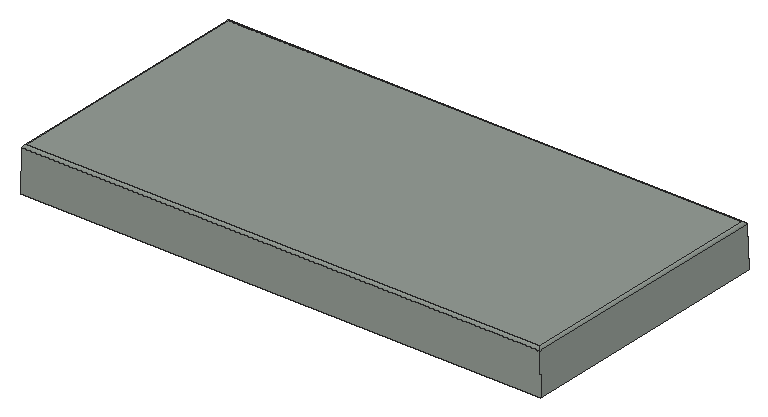
Revit family "fdb22874-a306-4474-9f3a-5b0c1edcca7b", category Site, Revit 2016
Family settings
  Part Type = Normal
  Round Connector Dimension = Use Diameter
  OmniClass Number = 23.10.00.00
  OmniClass Title = Site Products
  Work Plane-Based = No
  Always vertical = Yes
  Cut with Voids When Loaded = No
  Shared = No
Parameters (values of type "Standard")
  ecoScorecard data = ""
  ecoScorecard Product Page = ""
  Weight = 56.00 lbf  # constant formula
  Warranty = "5 Year Limited"  # constant formula
  Unit = Concrete - Stepstone - Agave1412
  URL = "stepstoneinc.com"
  Thickness = 2"  # constant formula
  Texture = "Sandblast"  # constant formula
  Technical Information = "http://www.stepstoneinc.com/docs/Stepstone_Product_Data_Sheet-California_Architectual_(CalArc)_Paver.pdf"
  Surface Finish = "Integral"  # constant formula
  Subcategory = "CalArc"  # constant formula
  Revit Object Download Link = "http://library.smartbim.com/download/Paver-Stepstone-CalArc-12x24x2"
  Product Page URL = "http://www.stepstoneinc.com/calarc-pavers.php"
  Product Name = "Large Scale CalArc Paver"  # constant formula
  Product Line = "Pavers"  # constant formula
  Nominal Width = 24"  # constant formula
  Nominal Length = 12"  # constant formula
  Model = "12In x 24In x 2In"  # constant formula
  Material = "Precast Concrete"  # constant formula
  Manufacturer Toll Free Phone = "800.572.9029"  # constant formula
  Manufacturer Phone = "310.327.7474"  # constant formula
  Manufacturer Fax = "310.217.1424"  # constant formula
  Manufacturer Email = "mailto:sales@stepstoneinc.com"
  Manufacturer Address = "13249 S Figueroa St, Los Angeles 90061"  # constant formula
  Manufacturer = "Stepstone, Inc"  # constant formula
  Maintenance URL = ""
  Installation URL = ""
  Description = "Precast Concrete Paver"  # constant formula
  Cost Info = ""
  Color Availability = "Standard & Custom"  # constant formula
  95 CSI = ""
  04 CSI = ""
Reference planes (in)
  plane 1 "Center Front/Back": y = 0
  plane 2: z = 0
  plane 3 "Center Left/Right": x = 0
  plane 4: x = -12
  plane 5: x = 12
  plane 6: y = 6
  plane 7: y = -6
  plane 8: z = 2
Dimensions and locks (in)
  equal spacing: plane 4, plane 3 "Center Left/Right", plane 5
  "Nominal Width": plane 4 to plane 5
  equal spacing: plane 7, plane 1 "Center Front/Back", plane 6
  "Nominal Length": plane 6 to plane 7
  plane 5 to plane 4 = 24"
  plane 6 to plane 7 = 12"
  "Thickness": plane 8 to level
  aligned and locked: level to plane 2
  aligned and locked: plane 3 "Center Left/Right" to nested 1
  aligned and locked: plane 1 "Center Front/Back" to nested 1
Nested families (in)
  nested 1: "12X24X2" at (0, 0, 0), type "12X24X2"
Definition of nested family "12X24X2"
  Parameters
    Width = 24"
    Unit = none
    Depth = 12"
  Reference planes (in)
    plane 1 "Center (Front/Back)": y = 0
    plane 2: z = 0
    plane 3 "Center (Left/Right)": x = 0
    plane 4: x = -12
    plane 5: x = 12
    plane 6: y = 6
    plane 7: y = -6
  Forms (in)
    Sweep 1, solid, material <- "Unit"
      path origin (0, 0, 0) x (1, 0, 0) y (0, 1, 0)
        loop
          line (-12, 6) -> (-12, -6) -> (12, -6) -> (12, 6) -> (-12, 6)
      profile origin (0, 6, 0) x (0, 1, 0) y (0, 0, 1)
        loop
          line (0, 0) -> (-0.0459, 1.87815)
          arc (-0.0459, 1.87815) -> (-0.08353, 1.96449) -> (-0.17076, 2) r 0.1249
          line (-0.17076, 2) -> (-0.26501, 2) -> (-0.26501, 0) -> (0, 0)
    Extrusion 2, solid, material <- "Unit"
      sketch origin (0, 0, 0) x (1, 0, 0) y (0, 1, 0)
        loop
          line (-11.73499, 5.73499) -> (-11.73499, -5.73499) -> (11.73499, -5.73499) -> (11.73499, 5.73499) -> (-11.73499, 5.73499)
      from 0 to 2
  Cuts and joins
    joined: Sweep 1, Extrusion 2
  Dimensions and locks (in)
    equal spacing: plane 6, plane 1 "Center (Front/Back)", plane 7
    equal spacing: plane 4, plane 3 "Center (Left/Right)", plane 5
    "Width": plane 5 to plane 4
    "Depth": plane 6 to plane 7
    aligned and locked: plane 2 to level
  Automatic sketch dimensions
    plane 4 to Sweep 1 sketch curve = 0"
    Sweep 1 sketch curve to plane 5 = 0"
    plane 7 to Sweep 1 sketch curve = 0"
    Sweep 1 sketch curve to plane 6 = 0"
    plane 4 to Extrusion 2 sketch curve = 0.26501"
    Extrusion 2 sketch curve to plane 5 = 0.26501"
    plane 7 to Extrusion 2 sketch curve = 0.26501"
    Extrusion 2 sketch curve to plane 6 = 0.26501"
    Sweep 1 sketch curve to level = 0"
    Sweep 1 sketch curve to profile plane = 0"
    profile plane to Sweep 1 sketch curve = 0.0459"
    Sweep 1 sketch curve to Sweep 1 sketch curve = 0.12486"
    Sweep 1 sketch curve to Sweep 1 sketch curve = 0.09425"
    level to Sweep 1 sketch curve = 1.8751"
    Sweep 1 sketch curve to Sweep 1 sketch curve = 0.00305"
